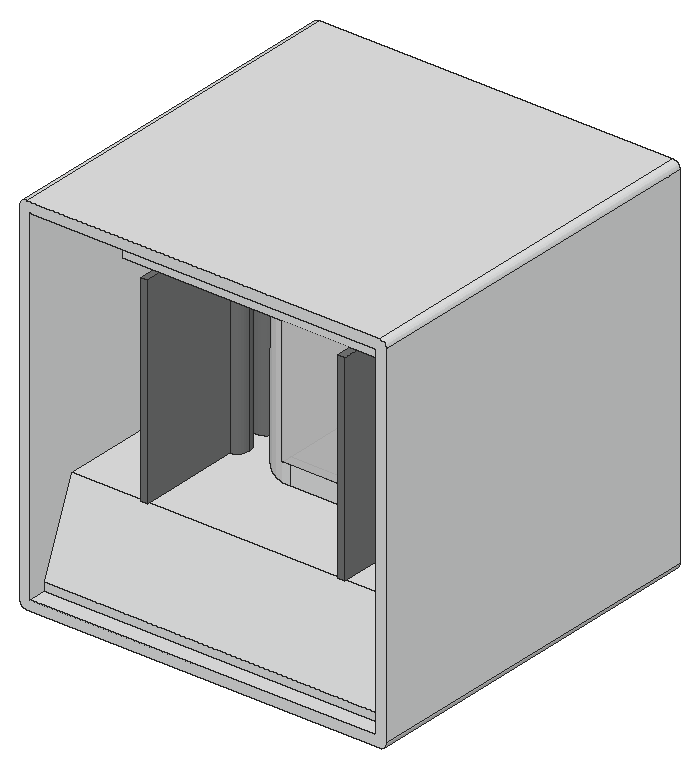
Revit family "0047814", category Lighting Fixtures, host Face, Revit 2016
Family settings
  Host = Face
  Part Type = Normal
  Round Connector Dimension = Use Diameter
  OmniClass Number = 23.80.70.11.17
  OmniClass Title = Specialized Lighting by Location or Use
  Cut with Voids When Loaded = No
  Light Source = Yes
  Shared = No
  Room Calculation Point = No
Parameters (values of type "0047814 VELITE WALL ADJUST WH UP AND DOWN 3000K")
  Width = 108.0 mm
  UpRightSegmentAngleReal [instance] = if(UpRightSegmentAngle > 35.00°, 35.00°, if(UpRightSegmentAngle < -55.00°, -55.00°, UpRightSegmentAngle))  # 0.00°
  UpRightSegmentAngle [instance] = 0.00°
  UpLeftSegmentAngleReal [instance] = if(UpLeftSegmentAngle > 35.00°, 35.00°, if(UpLeftSegmentAngle < -55.00°, -55.00°, UpLeftSegmentAngle))  # 0.00°
  UpLeftSegmentAngle [instance] = 0.00°
  Segment Material = Aluminum_Sylvania_Velite_Black
  Rotateable Segment Width = Width / 2 - 20.0 mm  # 34.0 mm
  Rotateable Segment Height = Height - 49.0 mm  # 59.0 mm
  Length = Width  # 108.0 mm
  Weight = 0.787 kg
  Wattage = 5 W
  built-in parameter 1150110 = 1 (stored number, unit not read)
  Voltage Comments = "UNV (Universal Voltage; 230-240 Volt)"  # constant formula
  Voltage = 240 V  # constant formula
  URL = "http://www.sylvania-lighting.com/product/en-int/products/0047814"
  built-in parameter 1114217 = 1 (stored number, unit not read)
  Tilt Angle = 0.00°
  built-in parameter 1150109 = 1 (stored number, unit not read)
  built-in parameter 1150134 = (empty or 0)
  Ta Rating = "-20°C to +45°C"  # constant formula
  built-in parameter 1150113 = 1 (stored number, unit not read)
  Product Page URL = "http://www.sylvania-lighting.com/product/en-int/products/0047814"
  Product Family = ""
  Photometry Comments = ""
  Photometric Web File = "0047814.ies"
  built-in parameter 1150105 = 137.94 (stored number, unit not read)
  Lumens = 290 lm
  built-in parameter 1150115 = 1 (stored number, unit not read)
  built-in parameter 1150137 = (empty or 0)
  built-in parameter 1150139 = (empty or 0)
  Life = "25 000h"  # constant formula
  built-in parameter 1150112 = 1 (stored number, unit not read)
  built-in parameter 1150114 = 1 (stored number, unit not read)
  Lamp Comments = "Integrated LED"  # constant formula
  built-in parameter 1150132 = 2
  built-in parameter 1150102 = (empty or 0)
  built-in parameter 1150107 = 3000 (stored number, unit not read)
  built-in parameter 1150138 = (empty or 0)
  built-in parameter 1150106 = 1.3794 (stored number, unit not read)
  IP Rating = "IP54"  # constant formula
  IK Rating = "IK05"  # constant formula
  Energy Class = "A++ A+ A"  # constant formula
  Electrical Protection = "CLASS I"  # constant formula
  built-in parameter 1150104 = 5.3884 (stored number, unit not read)
  Drive Current = "300mA"
  DownRightSegmentAngleReal [instance] = if(DownRightSegmentAngle > 35.00°, 35.00°, if(DownRightSegmentAngle < -55.00°, -55.00°, DownRightSegmentAngle))  # 0.00°
  DownRightSegmentAngle [instance] = 0.00°
  DownLeftSegmentAngleReal [instance] = if(DownLeftSegmentAngle > 35.00°, 35.00°, if(DownLeftSegmentAngle < -55.00°, -55.00°, DownLeftSegmentAngle))  # 0.00°
  DownLeftSegmentAngle [instance] = 0.00°
  Dimming Lamp Color Temperature Shift = <None>
  Color Filter = 16777215
  Catalog Number = "0047814 VELITE WALL ADJUST WH UP AND DOWN 3000K"
  Body Material = Aluminum_Sylvania_Velite_White_RAL 9016
  built-in parameter 1114218 = 1 (stored number, unit not read)
  built-in parameter 1150133 = 10 (stored number, unit not read)
  Height = Width  # 108.0 mm
  built-in parameter 1114216 [instance] = 1 (stored number, unit not read)
  Model = "0047814 VELITE WALL ADJUST WH UP AND DOWN 3000K"
  Manufacturer = "Feilo Sylvania"  # constant formula
  Lamp = "LED"
  Diffuser Material = Polycarbonate_Sylvania_Velite_Clear
  Description = "A range of sleek and stylish Outdoor LED luminaires.Velite is perfect for lighting courtyards, gardens and exterior entrances.Design  meets IK05 requirements.Available in various shapes, sizes and colours of die cast aluminium luminaires.Range includes bollards and various wall mounted direct and direct/indirect luminaires.High efficient thermal design: ta -20 to +45oC.High performance: delivers up to 830 lm (luminaire lumen output), and up to 71lm/W (total system efficiency).Available in warm white (3,000K).Energy class: A++, A+, A.Lifetime: 30,000 hours life at 70% of the original output L70."  # constant formula
  Default Elevation = 0.0 mm
  built-in parameter 1140040 [instance] = 1
  Assembly Code = "D5020200"
  Apparent Load Comments = ""
  Apparent Load = 5 VA
Reference planes
  plane 1 "Center (Front/Back)": y = 0
  plane 2 "Fixture Back": z = 0
  plane 3 "Center (Left/Right)": x = 0
  plane 4 "Fixture Left": x = -54
  plane 5 "Fixture Right": x = 54
  plane 6 "Fixture Top": y = 54
  plane 7 "Fixture Bottom": y = -54
  plane 8 "Fixture Front": z = 108
  plane 9: x = -51
  plane 10: x = 51
  plane 11: z = 105
  plane 12: z = 3
  plane 13 "Center Segments": z = 59.5
  plane 14: z = 5.5
  plane 15: z = 30
  plane 16: y = 49
  plane 17: y = -49
  plane 18: y = 39
  plane 19: y = -39
  plane 20: x = 39
  plane 21: x = -39
  plane 22: y = 35
  plane 23: y = -35
  plane 24: z = 92
  plane 25: z = 89
  plane 26: y = 12.5
  plane 27: y = -12.5
  plane 28: x = 20
  plane 29: x = -20
  plane 30: z = 35.5
  plane 31: z = 85
  plane 32: x = -10
  plane 33: x = 10
  plane 34: y = -9.5
  plane 35: y = 9.5
  plane 36: y = 5.5
  plane 37: y = -5.5
  plane 38: x = -29
  plane 39: x = 29
Forms (mm)
  Extrusion 1, solid, material "Aluminum_Sylvania_Velite_White_RAL 9016" <- "Body Material", detail levels fine
    sketch origin (0, 0, 0) x (1, 0, 0) y (0, 0, 1)
      loop
        line (-51, 105) -> (-51, 3) -> (51, 3) -> (51, 105) -> (-51, 105)
      loop
        line (-54, 106) -> (-54, 2)
        arc (-54, 2) -> (-53.414, 0.586) -> (-52, 0) r 2
        line (-52, 0) -> (52, 0)
        arc (52, 0) -> (53.414, 0.586) -> (54, 2) r 2
        line (54, 2) -> (54, 106)
        arc (54, 106) -> (53.414, 107.414) -> (52, 108) r 2
        line (52, 108) -> (-52, 108)
        arc (-52, 108) -> (-53.414, 107.414) -> (-54, 106) r 2
    from -54 to 54
  Extrusion 2, solid, material "Aluminum_Sylvania_Velite_White_RAL 9016" <- "Body Material", detail levels fine
    sketch origin (0, 0, 0) x (0, 1, 0) y (0, 0, 1)
      loop
        line (49, 3) -> (49, 5.5) -> (39, 30) -> (-39, 30) -> (-49, 5.5) -> (-49, 3) -> (49, 3)
    from -51 to 51
  Extrusion 3, solid, material "Aluminum_Sylvania_Velite_White_RAL 9016" <- "Body Material", detail levels fine
    sketch origin (0, 0, 0) x (1, 0, 0) y (0, 1, 0)
      loop
        line (-39, 35) -> (-39, -35) -> (39, -35) -> (39, 35) -> (-39, 35)
    from 89 to 92
  Extrusion 4, solid, material "Aluminum_Sylvania_Velite_White_RAL 9016" <- "Body Material", detail levels fine
    sketch origin (0, 0, 0) x (1, 0, 0) y (0, 1, 0)
      loop
        line (-7.5, -12.5) -> (7.5, -12.5)
        arc (7.5, -12.5) -> (16.339, -8.839) -> (20, 0) r 12.5
        arc (20, 0) -> (16.339, 8.839) -> (7.5, 12.5) r 12.5
        line (7.5, 12.5) -> (-7.5, 12.5)
        arc (-7.5, 12.5) -> (-16.339, 8.839) -> (-20, 0) r 12.5
        arc (-20, 0) -> (-16.339, -8.839) -> (-7.5, -12.5) r 12.5
    from 30 to 89
  Extrusion 5, void
    sketch origin (0, 0, 0) x (1, 0, 0) y (0, 0, 1)
      loop
        line (10, 85) -> (-10, 85) -> (-10, 35.5) -> (10, 35.5) -> (10, 85)
    from -12.5 to 12.5
  Extrusion 6, solid, material "Polycarbonate_Sylvania_Velite_Clear" <- "Diffuser Material"
    sketch origin (0, 0, 0) x (1, 0, 0) y (0, 0, 1)
      loop
        line (-10, 85) -> (-10, 35.5) -> (10, 35.5) -> (10, 85) -> (-10, 85)
    from 9.5 to 12.5
  Extrusion 7, solid, material "Polycarbonate_Sylvania_Velite_Clear" <- "Diffuser Material"
    sketch origin (0, 0, 0) x (1, 0, 0) y (0, 0, 1)
      loop
        line (10, 85) -> (-10, 85) -> (-10, 35.5) -> (10, 35.5) -> (10, 85)
    from -9.5 to -12.5
  Extrusion 8, solid, material "Aluminum_Sylvania_Velite_White_RAL 9016" <- "Body Material", detail levels coarse+medium
    sketch origin (0, 0, 0) x (1, 0, 0) y (0, 0, 1)
      loop
        line (-54, 108) -> (-54, 0) -> (54, 0) -> (54, 108) -> (-54, 108)
      loop
        line (39, 92) -> (-39, 92) -> (-39, 30) -> (39, 30) -> (39, 92)
    from -54 to 54
  Extrusion 9, solid, material "Aluminum_Sylvania_Velite_White_RAL 9016" <- "Body Material", detail levels coarse+medium
    sketch origin (0, 0, 0) x (1, 0, 0) y (0, 0, 1)
      loop
        line (-20, 92) -> (-20, 30) -> (20, 30) -> (20, 92) -> (-20, 92)
      loop
        line (-10, 85) -> (-10, 35.5) -> (10, 35.5) -> (10, 85) -> (-10, 85)
    from -12.5 to 12.5
Cuts and joins
  Extrusion 5 cuts Extrusion 4
Lines and regions (mm)
  reference lines
    curve 1: line (-29, 5.5, 59.5) -> (-29, 45.5, 59.5)
    curve 2: line (29, 5.5, 59.5) -> (29, 45.5, 59.5)
    curve 3: line (-29, -5.5, 59.5) -> (-29, -47.052, 59.5)
    curve 4: line (29, -5.5, 59.5) -> (29, -43.423, 59.5)
Dimensions and locks
  equal spacing: plane 7 "Fixture Bottom", plane 1 "Center (Front/Back)", plane 6 "Fixture Top"
  "Width": plane 6 "Fixture Top" to plane 7 "Fixture Bottom"
  equal spacing: plane 4 "Fixture Left", plane 3 "Center (Left/Right)", plane 5 "Fixture Right"
  "Length": plane 4 "Fixture Left" to plane 5 "Fixture Right"
  "Height": plane 8 "Fixture Front" to plane 2 "Fixture Back"
  plane 30 to plane 15 to plane 14 to plane 12 to plane 2 "Fixture Back" = 5.5 mm locked, 24.5 mm locked, 2.5 mm locked, 3.0 mm locked
  plane 8 "Fixture Front" to plane 11 to plane 24 to plane 25 to plane 31 = 3.0 mm locked, 13.0 mm locked, 3.0 mm locked, 4.0 mm locked
  plane 6 "Fixture Top" to plane 16 to plane 18 to plane 22 = 5.0 mm locked, 10.0 mm locked, 4.0 mm locked
  plane 7 "Fixture Bottom" to plane 17 to plane 19 to plane 23 = 5.0 mm locked, 10.0 mm locked, 4.0 mm locked
  plane 4 "Fixture Left" to plane 9 to plane 21 = 3.0 mm locked, 12.0 mm locked
  plane 3 "Center (Left/Right)" to plane 33 to plane 28 to plane 39 = 10.0 mm locked, 10.0 mm locked, 9.0 mm locked
  equal spacing: plane 25, plane 13 "Center Segments", plane 15
  plane 27 to plane 34 to plane 37 to plane 1 "Center (Front/Back)" = 3.0 mm locked, 4.0 mm locked, 5.5 mm locked
  plane 26 to plane 35 to plane 36 to plane 1 "Center (Front/Back)" = 3.0 mm locked, 4.0 mm locked, 5.5 mm locked
  plane 38 to plane 29 to plane 32 to plane 3 "Center (Left/Right)" = 9.0 mm locked, 10.0 mm locked, 10.0 mm locked
  plane 20 to plane 10 to plane 5 "Fixture Right" = 12.0 mm locked, 3.0 mm locked
  "UpLeftSegmentAngleReal": angle plane 38 to curve 1
  "UpRightSegmentAngleReal": angle curve 2 to plane 39
  "DownLeftSegmentAngleReal": angle curve 3 to plane 38
  "DownRightSegmentAngleReal": angle plane 39 to curve 4
  aligned and locked: host face to plane 2 "Fixture Back"
  aligned and locked: level to host face
  aligned and locked: Extrusion 1 sketch curve to plane 9
  aligned and locked: Extrusion 1 sketch curve to plane 4 "Fixture Left"
  aligned and locked: Extrusion 1 sketch curve to plane 11
  aligned and locked: Extrusion 1 sketch curve to plane 8 "Fixture Front"
  aligned and locked: plane 10 to Extrusion 1 sketch curve
  aligned and locked: plane 5 "Fixture Right" to Extrusion 1 sketch curve
  aligned and locked: Extrusion 1 sketch curve to plane 12
  aligned and locked: Extrusion 1 sketch curve to plane 2 "Fixture Back"
  aligned and locked: plane 6 "Fixture Top" to Extrusion 1
  aligned and locked: plane 7 "Fixture Bottom" to Extrusion 1
  aligned and locked: plane 15 to Extrusion 2 sketch curve
  aligned and locked: plane 16 to Extrusion 2 sketch curve  (x2)
  aligned and locked: Extrusion 2 sketch curve to plane 17
  aligned and locked: plane 18 to Extrusion 2 sketch curve
  aligned and locked: plane 19 to Extrusion 2 sketch curve
  aligned and locked: plane 17 to Extrusion 2 sketch curve
  aligned and locked: Extrusion 2 to plane 10
  aligned and locked: Extrusion 2 to plane 9
  aligned and locked: Extrusion 2 sketch curve to plane 12
  aligned and locked: Extrusion 3 sketch curve to plane 22
  aligned and locked: plane 23 to Extrusion 3 sketch curve
  aligned and locked: Extrusion 3 sketch curve to plane 21
  aligned and locked: plane 20 to Extrusion 3 sketch curve
  aligned and locked: plane 24 to Extrusion 3
  aligned and locked: Extrusion 3 to plane 25
  aligned and locked: plane 27 to Extrusion 4 sketch curve
  aligned and locked: Extrusion 4 sketch curve to plane 26
  aligned and locked: plane 25 to Extrusion 4
  aligned and locked: Extrusion 4 to plane 15
  aligned and locked: plane 33 to Extrusion 5 sketch curve
  aligned and locked: Extrusion 5 sketch curve to plane 32
  aligned and locked: Extrusion 5 sketch curve to plane 31
  aligned and locked: Extrusion 5 sketch curve to plane 30
  aligned and locked: plane 26 to Extrusion 5
  aligned and locked: plane 27 to Extrusion 5
  aligned and locked: Extrusion 6 sketch curve to plane 32
  aligned and locked: plane 33 to Extrusion 6 sketch curve
  aligned and locked: Extrusion 6 sketch curve to plane 31
  aligned and locked: Extrusion 6 sketch curve to plane 30
  aligned and locked: plane 33 to Extrusion 7 sketch curve
  aligned and locked: Extrusion 7 sketch curve to plane 32
  aligned and locked: Extrusion 7 sketch curve to plane 31
  aligned and locked: Extrusion 7 sketch curve to plane 30
  aligned and locked: Extrusion 7 to plane 35
  aligned and locked: plane 26 to Extrusion 7
  aligned and locked: Extrusion 6 to plane 34
  aligned and locked: plane 27 to Extrusion 6
  aligned and locked: plane 36 to curve 1
  aligned and locked: plane 38 to curve 1
  aligned and locked: plane 36 to curve 2
  aligned and locked: plane 39 to curve 2
  aligned and locked: plane 37 to curve 4
  aligned and locked: plane 39 to curve 4
  aligned and locked: plane 37 to curve 3
  aligned and locked: plane 38 to curve 3
  aligned and locked: nested 1 to curve 1
  aligned and locked: nested 2 to curve 3
  aligned and locked: nested 3 to curve 2
  aligned and locked: nested 4 to curve 4
  aligned and locked: plane 13 "Center Segments" to nested 4
  aligned and locked: plane 13 "Center Segments" to nested 3
  aligned and locked: plane 13 "Center Segments" to nested 1
  aligned and locked: plane 13 "Center Segments" to nested 2
  aligned and locked: Extrusion 8 sketch curve to plane 8 "Fixture Front"
  aligned and locked: plane 5 "Fixture Right" to Extrusion 8 sketch curve
  aligned and locked: Extrusion 8 sketch curve to plane 4 "Fixture Left"
  aligned and locked: Extrusion 8 sketch curve to plane 2 "Fixture Back"
  aligned and locked: plane 20 to Extrusion 8 sketch curve
  aligned and locked: Extrusion 8 sketch curve to plane 21
  aligned and locked: Extrusion 8 sketch curve to plane 24
  aligned and locked: Extrusion 8 sketch curve to plane 15
  aligned and locked: plane 6 "Fixture Top" to Extrusion 8
  aligned and locked: plane 7 "Fixture Bottom" to Extrusion 8
  aligned and locked: Extrusion 9 sketch curve to plane 29
  aligned and locked: plane 28 to Extrusion 9 sketch curve
  aligned and locked: Extrusion 9 sketch curve to plane 15
  aligned and locked: Extrusion 9 sketch curve to plane 31
  aligned and locked: Extrusion 9 sketch curve to plane 30
  aligned and locked: plane 33 to Extrusion 9 sketch curve
  aligned and locked: Extrusion 9 sketch curve to plane 32
  aligned and locked: plane 26 to Extrusion 9
  aligned and locked: plane 27 to Extrusion 9
  aligned and locked: Extrusion 9 sketch curve to plane 24
  aligned and locked: imposter light to plane 3 "Center (Left/Right)"
  aligned and locked: plane 1 "Center (Front/Back)" to imposter light
  aligned and locked: imposter light to plane 13 "Center Segments"
Automatic sketch dimensions
  host sketch curve to host sketch curve = 447.379 mm
  host sketch curve to host sketch curve = 434.165 mm
  Extrusion 1 sketch curve to plane 9 = 1.0 mm  (x2)
  Extrusion 1 sketch curve to plane 10 = 1.0 mm  (x2)
  Extrusion 2 sketch curve to plane 14 = 0.0 mm  (x2)
  Extrusion 4 sketch curve to Extrusion 4 sketch curve = 0.0 mm  (x2)
  Extrusion 4 sketch curve to plane 29 = 0.0 mm
  Extrusion 4 sketch curve to plane 28 = 0.0 mm
Nested families
  nested 1: "Rotateable Segment" at (-41.949, 5.5, 30), type "Rotateable Segment", detail levels fine
  nested 2: "Rotateable Segment" at (-16.051, -5.5, 30) x (-1, 0, 0) z (0, 0, 1), type "Rotateable Segment", detail levels fine
  nested 3: "Rotateable Segment" at (16.051, 5.5, 30), type "Rotateable Segment", detail levels fine
  nested 4: "Rotateable Segment" at (41.949, -5.5, 30) x (-1, 0, 0) z (0, 0, 1), type "Rotateable Segment", detail levels fine
Connectors
  electrical at (0, 0, 0), driven by "Voltage", driven by "Apparent Load"
    settings: on Extrusion 8, index 1, voltage 240 V, apparent load 0 VA, apparent load phase1 5 VA, apparent load phase2 0 VA, apparent load phase3 0 VA, power factor 1, load classification "Lighting", number of poles 1, system type 31, power factor state 1, is connector primary yes, connector utility no, sub classification motor no, connector description ""
Definition of nested family "Rotateable Segment"
  Parameters
    Thickness = 2.0 mm  # constant formula
    Segment Material = none
    Height = 59.0 mm
    Width = 34.0 mm
    Default Elevation = 0.0 mm
  Reference planes
    plane 1 "Center (Front/Back)": y = 0
    plane 2: z = 0
    plane 3 "Center (Left/Right)": x = 12.949
    plane 4: y = 34
    plane 5: y = 3.8
    plane 6: x = 13.949
    plane 7: x = 11.949
    plane 8: y = 1.7
    plane 9: z = 59
    plane 10: z = 29.5
  Forms (mm)
    Extrusion 1, solid, material <- "Segment Material"
      sketch origin (0, 0, 0) x (1, 0, 0) y (0, 1, 0)
        loop
          circle (12.949, 0) r 3.8
        loop
          circle (12.949, 0) r 1.7
      from 0 to 59
    Extrusion 2, solid, material <- "Segment Material"
      sketch origin (0, 0, 0) x (1, 0, 0) y (0, 1, 0)
        loop
          line (13.949, 34) -> (11.949, 34) -> (11.949, 1.7) -> (13.949, 1.7) -> (13.949, 34)
      from 0 to 59
  Cuts and joins
    joined: Extrusion 1, Extrusion 2
  Dimensions and locks
    "Width": plane 1 "Center (Front/Back)" to plane 4
    equal spacing: plane 7, plane 3 "Center (Left/Right)", plane 6
    "Thickness": plane 7 to plane 6
    "Height": plane 9 to plane 2
    equal spacing: plane 9, plane 10, plane 2
    plane 5 to plane 8 to plane 1 "Center (Front/Back)" = 2.1 mm locked, 1.7 mm locked
    aligned and locked: level to plane 2
    aligned and locked: Extrusion 2 sketch curve to plane 6
    aligned and locked: plane 7 to Extrusion 2 sketch curve
    aligned and locked: Extrusion 2 sketch curve to plane 4
    aligned and locked: Extrusion 2 sketch curve to plane 8
    aligned and locked: plane 9 to cut or joined group of Extrusion 1, Extrusion 2  (x2)
  Automatic sketch dimensions
    Extrusion 1 sketch curve to Extrusion 1 sketch curve = 0.0 mm  (x2)
    plane 1 "Center (Front/Back)" to Extrusion 1 sketch curve = 0.0 mm
    Extrusion 1 sketch curve to plane 3 "Center (Left/Right)" = 0.0 mm
    radius of Extrusion 1 sketch curve = 3.8 mm
    radius of Extrusion 1 sketch curve = 1.7 mm
